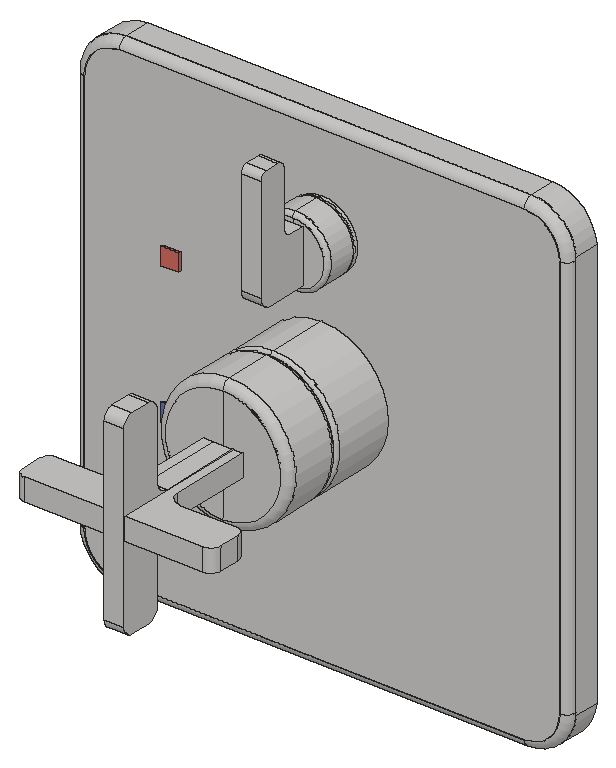
Revit family "CPT-25401", category Plumbing Fixtures, Revit 2023
Family settings
  Round Connector Dimension = Use Diameter
  Part Type = Normal
  OmniClass Number = 23.45.00.00
  OmniClass Title = Sanitary, Laundry, and Cleaning Equipment
  Work Plane-Based = No
  Enable Cutting in Views = No
  Always vertical = Yes
  Cut with Voids When Loaded = No
  Maintain Annotation Orientation = No
  Shared = No
  Room Calculation Point = No
Parameters
  Default Elevation = 0"
Reference planes (in)
  plane 1 "Center (Front/Back)": y = 0
  plane 2: z = 0
  plane 3 "Center (Left/Right)": x = 0
  plane 4: z = 7
  plane 5 "Center L/U": y = -0.5
  plane 6 "Center L/DD": x = -3.5
  plane 7 "Center L/EE": x = 3.5
  plane 8 "Center L/FF": y = -4.1875
  plane 9: z = 4.4375
  plane 10: z = 2.5625
  plane 11 "Center L/GG": y = -2.25
  plane 12: z = 4.875
  plane 13: z = 2.0625
  plane 14: z = 5.15962
  plane 15: z = 6.90962
  plane 16 "Center L/HH": y = -1.75
  plane 17: x = 1.40625
  plane 18: x = -1.40625
Forms (in)
  Extrusion 1, solid, material "Default"
    sketch origin (0, 0, 0) x (1, 0, 0) y (0, 0, 1)
      loop
        arc (-2.875, 7) -> (-3.30186, 6.83122) -> (-3.5, 6.41718) r 0.62825
        line (-3.5, 6.41718) -> (-3.5, 0.58282)
        arc (-3.5, 0.58282) -> (-3.30186, 0.16878) -> (-2.875, 0) r 0.62825
        line (-2.875, 0) -> (2.875, 0)
        arc (2.875, 0) -> (3.30186, 0.16878) -> (3.5, 0.58282) r 0.62825
        line (3.5, 0.58282) -> (3.5, 6.41718)
        arc (3.5, 6.41718) -> (3.30186, 6.83122) -> (2.875, 7) r 0.62825
        line (2.875, 7) -> (-2.875, 7)
    from 0 to 0.36568
  Revolve 2, solid, material "Default"
    sketch origin (0, -0.63104, 1.5) x (0, 1, 0) y (0, 0, 1)
      loop
        line (0.13104, 2) -> (0.13104, 2.9375) -> (-0.72513, 2.9375)
        arc (-0.72513, 2.9375) -> (-0.75821, 2.9238) -> (-0.77191, 2.89072) r 0.04678
        line (-0.77191, 2.89072) -> (-0.77191, 2.3359) -> (-0.80646, 2.3359) -> (-0.80646, 2.89072)
        arc (-0.80646, 2.89072) -> (-0.82016, 2.9238) -> (-0.85324, 2.9375) r 0.04678
        line (-0.85324, 2.9375) -> (-1.50071, 2.9375)
        arc (-1.50071, 2.9375) -> (-1.58432, 2.90287) -> (-1.61896, 2.81925) r 0.11825
        line (-1.61896, 2.81925) -> (-1.61896, 2) -> (0.13104, 2)
      axis (-1.61896, 2) -> (0.13104, 2)
    angle from 0 to 360
  Extrusion 3, solid, material "Default"
    sketch origin (0, -0.8125, 1.46875) x (0, 1, 0) y (0, 0, 1)
      loop
        arc (-2.60573, 2.15625) -> (-2.7422, 2.21278) -> (-2.79873, 2.34925) r 0.193
        line (-2.79873, 2.34925) -> (-2.79873, 3.26598)
        arc (-2.79873, 3.26598) -> (-2.83981, 3.36517) -> (-2.939, 3.40625) r 0.14027
        line (-2.939, 3.40625) -> (-3.23473, 3.40625)
        arc (-3.23473, 3.40625) -> (-3.33392, 3.36517) -> (-3.375, 3.26598) r 0.14027
        line (-3.375, 3.26598) -> (-3.375, 0.73402)
        arc (-3.375, 0.73402) -> (-3.33392, 0.63483) -> (-3.23473, 0.59375) r 0.14027
        line (-3.23473, 0.59375) -> (-2.939, 0.59375)
        arc (-2.939, 0.59375) -> (-2.83981, 0.63483) -> (-2.79873, 0.73402) r 0.14027
        line (-2.79873, 0.73402) -> (-2.79873, 1.65075)
        arc (-2.79873, 1.65075) -> (-2.7422, 1.78722) -> (-2.60573, 1.84375) r 0.193
        line (-2.60573, 1.84375) -> (-1.4375, 1.84375) -> (-1.4375, 2.15625) -> (-2.60573, 2.15625)
    from -0.14062 to 0.14063
  Extrusion 4, solid, material "Default"
    sketch origin (2, -0.8125, 3.46875) x (0, 1, 0) y (-1, 0, 0)
      loop
        arc (-2.60573, 2.28125) -> (-2.7422, 2.33778) -> (-2.79873, 2.47425) r 0.193
        line (-2.79873, 2.47425) -> (-2.79873, 3.26765)
        arc (-2.79873, 3.26765) -> (-2.83981, 3.36683) -> (-2.939, 3.40792) r 0.14027
        line (-2.939, 3.40792) -> (-3.23473, 3.40792)
        arc (-3.23473, 3.40792) -> (-3.33392, 3.36683) -> (-3.375, 3.26765) r 0.14027
        line (-3.375, 3.26765) -> (-3.375, 0.73402)
        arc (-3.375, 0.73402) -> (-3.33392, 0.63483) -> (-3.23473, 0.59375) r 0.14027
        line (-3.23473, 0.59375) -> (-2.939, 0.59375)
        arc (-2.939, 0.59375) -> (-2.83981, 0.63483) -> (-2.79873, 0.73402) r 0.14027
        line (-2.79873, 0.73402) -> (-2.79873, 1.52575)
        arc (-2.79873, 1.52575) -> (-2.7422, 1.66222) -> (-2.60573, 1.71875) r 0.193
        line (-2.60573, 1.71875) -> (-1.4375, 1.71875) -> (-1.4375, 2.28125) -> (-2.60573, 2.28125)
    from -0.15625 to 0.15625
  Extrusion 5, solid, material "Default"
    sketch origin (0, -0.125, 0.125) x (1, 0, 0) y (0, 0, 1)
      loop
        arc (-2.875, 6.75) -> (-3.22855, 6.60355) -> (-3.375, 6.25) r 0.5
        line (-3.375, 6.25) -> (-3.375, 0.5)
        arc (-3.375, 0.5) -> (-3.22855, 0.14645) -> (-2.875, 0) r 0.5
        line (-2.875, 0) -> (2.875, 0)
        arc (2.875, 0) -> (3.22855, 0.14645) -> (3.375, 0.5) r 0.5
        line (3.375, 0.5) -> (3.375, 6.25)
        arc (3.375, 6.25) -> (3.22855, 6.60355) -> (2.875, 6.75) r 0.5
        line (2.875, 6.75) -> (-2.875, 6.75)
    from 0.24068 to 0.375
  Sweep 6, solid, material "Default"
    path origin (0, 0, 0) x (1, 0, 0) y (0, 0, 1)
      loop
        line (2.875, 6.875) -> (-2.875, 6.875)
        arc (-2.875, 6.875) -> (-3.22855, 6.72855) -> (-3.375, 6.375) r 0.5
        line (-3.375, 6.375) -> (-3.375, 0.625)
        arc (-3.375, 0.625) -> (-3.22855, 0.27145) -> (-2.875, 0.125) r 0.5
        line (-2.875, 0.125) -> (2.875, 0.125)
        arc (2.875, 0.125) -> (3.22855, 0.27145) -> (3.375, 0.625) r 0.5
        line (3.375, 0.625) -> (3.375, 6.375)
        arc (3.375, 6.375) -> (3.22855, 6.72855) -> (2.875, 6.875) r 0.5
    profile origin (0, 0, 6.875) x (0, 0, -1) y (0, -1, 0)
      loop
        line (-0.125, 0.36568) -> (0, 0.36568) -> (0, 0.49968)
        arc (0, 0.49968) -> (-0.0889, 0.45731) -> (-0.125, 0.36568) r 0.13432
  Extrusion 7, solid, material "Default Wall"
    sketch origin (0.13653, 0, 0) x (1, 0, 0) y (0, 0, 1)
      loop
        line (-2.39353, 4.61843) -> (-2.39353, 4.36843) -> (-2.14353, 4.36843) -> (-2.14353, 4.61843) -> (-2.39353, 4.61843)
    from 0.26321 to 0.53066
  Extrusion 8, solid, material "blue"
    sketch origin (0.13653, 0, 7) x (1, 0, 0) y (0, 0, 1)
      loop
        line (-2.39353, -4.61843) -> (-2.14353, -4.61843) -> (-2.14353, -4.36843) -> (-2.39353, -4.36843) -> (-2.39353, -4.61843)
    from 0.26321 to 0.53066
  Revolve 9, solid, material "Default"
    sketch origin (0, 0, 0) x (0, 1, 0) y (0, 0, 1)
      loop
        line (-0.49968, 5.03793) -> (-0.49968, 5.53793) -> (-1.01171, 5.53793) -> (-1.01171, 5.09436)
        arc (-1.01171, 5.09436) -> (-0.99518, 5.05446) -> (-0.95528, 5.03793) r 0.05642
        line (-0.95528, 5.03793) -> (-0.58267, 5.03793) -> (-0.58267, 5.15962) -> (-0.54828, 5.15962) -> (-0.54828, 5.03793) -> (-0.49968, 5.03793)
      axis (-1.01171, 5.53793) -> (-0.49968, 5.53793)
    angle from 0 to 360
  Extrusion 10, solid, material "Default"
    sketch origin (0, 0.3125, 0) x (0, 1, 0) y (0, 0, 1)
      loop
        line (-1.32882, 5.15962) -> (-1.32882, 5.91625) -> (-1.56826, 5.91625)
        arc (-1.56826, 5.91625) -> (-1.63935, 5.96883) -> (-1.66742, 6.05268) r 0.14703
        line (-1.66742, 6.05268) -> (-1.66742, 6.81418)
        arc (-1.66742, 6.81418) -> (-1.69538, 6.88166) -> (-1.76286, 6.90962) r 0.09543
        line (-1.76286, 6.90962) -> (-1.96706, 6.90962)
        arc (-1.96706, 6.90962) -> (-2.03454, 6.88166) -> (-2.0625, 6.81418) r 0.09543
        line (-2.0625, 6.81418) -> (-2.0625, 5.32478)
        arc (-2.0625, 5.32478) -> (-2.01412, 5.20799) -> (-1.89733, 5.15962) r 0.16516
        line (-1.89733, 5.15962) -> (-1.32882, 5.15962)
    from -0.14062 to 0.14062
Dimensions and locks (in)
  plane 7 "Center L/EE" to plane 6 "Center L/DD" = 7"
  plane 4 to level = 7"
  plane 5 "Center L/U" to plane 1 "Center (Front/Back)" = 1/2"
  plane 10 to plane 9 = 1 7/8"
  plane 8 "Center L/FF" to plane 1 "Center (Front/Back)" = 4 3/16"
  plane 11 "Center L/GG" to plane 1 "Center (Front/Back)" = 2 1/4"
  plane 13 to plane 12 = 2 13/16"
  plane 15 to plane 14 = 1 3/4"
  plane 16 "Center L/HH" to plane 1 "Center (Front/Back)" = 1 3/4"
  plane 18 to plane 17 = 2 13/16"
  aligned and locked: level to plane 2
